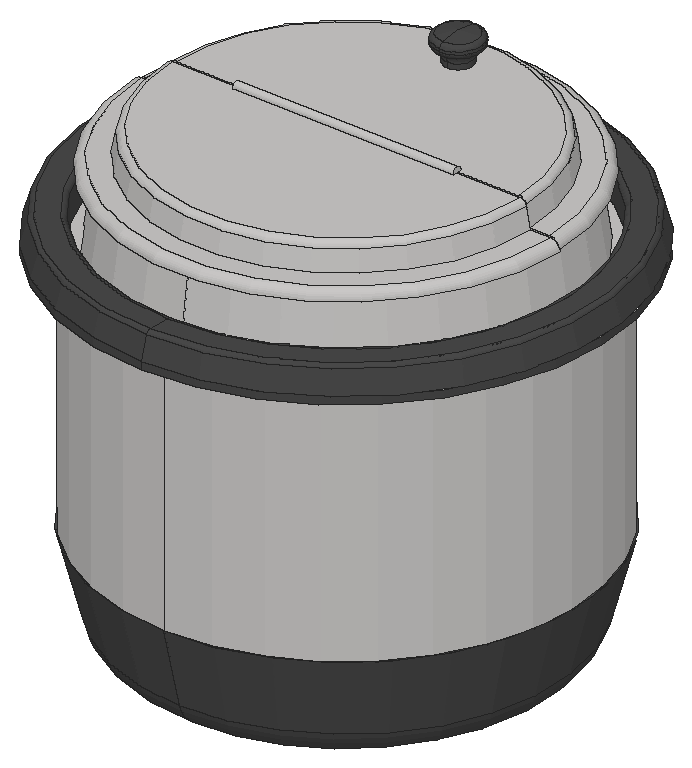
Revit family "QF_Vollrath_741101DW", category Specialty Equipment, Revit 2016
Family settings
  Part Type = Normal
  Round Connector Dimension = Use Diameter
  OmniClass Number = 23.40.40.14.17.31
  OmniClass Title = Small Specialized Cooking Equipment
  Work Plane-Based = Yes
  Always vertical = Yes
  Cut with Voids When Loaded = No
  Shared = No
  Room Calculation Point = No
Parameters
  Weight in Pounds = 12.4
  Watts = 250 W
  Watermarked By = "http://revitwatermark.com"
  Volts = 120 V
  URL Cutsheet = ""
  URL = "www.vollrathco.com"
  Status [instance] = ""
  Specification by User [instance] = ""
  Specification by Manufacturer [instance] = ""
  Serial Number [instance] = ""
  Revision Code [instance] = ""
  Phase = 1
  Outer Diameter = 1' - 1.9"  # constant formula
  Number of Poles [instance] = 1
  NAFEM Spec ID Number [instance] = ""
  Model = "741101DW"
  Material = QF_Finishes_Black
  Masterspec [instance] = ""
  Manufacturer = "Vollrath"
  Item Number [instance] = "-"
  Installed By [instance] = ""
  Furnished By [instance] = ""
  Foodservice Equipment Identifier = yes
  FL Amps = 1.2 A
  Electrical Remarks [instance] = ""
  Electric Connection Type [instance] = ""
  Elec Conn RI Height [instance] = 0' - 0"
  Elec Conn Connection Height = -0' - 9 1/4"
  Description = "11 qt. Induction Warmer, Drop-In"
  Default Elevation = 4' - 0"
  Cycle = 60 Hz
  Conn Plug = "NEMA 5-15P"
  CSI MasterFormat = "11 44 00"
  Assembly Code = "E1090320"
  Apparent Power = if(Phase = 3, Volts * FL Amps * 1.73, Volts * FL Amps)  # 144 VA
Reference planes (in)
  plane 1 "FRONT": y = 1
  plane 2: z = 0
  plane 3 "LEFT": x = -10.10443
  plane 4 "RIGHT": x = 3.79557
  plane 5 "BACK": y = -12.9
  plane 6 "Center FB": x = -3.15443
  plane 7 "Center LR": y = -5.95
  plane 8 "TOP": z = 3.5625
  plane 9 "Top of Lid": z = 2.8125
  plane 10 "Top of Unit": z = 0.87467
  plane 11 "Bottom of Lid": z = 1.8725
  plane 12 "BOTTOM": z = -9.5
Forms (in)
  Extrusion 1, solid, material "QF_Finishes_Stainless Steel"
    sketch origin (0, 0, -6.45) x (0, 1, 0) y (-1, 0, 0)
      loop
        circle (-5.95, 3.15443) r 6.18
    from -0.25 to 6.45
  Revolve 2, solid, material "QF_Finishes_Black" <- "Material"
    sketch origin (-3.15443, 0, -9.26533) x (0, 1, 0) y (0, 0, 1)
      loop
        line (0, 9.26533) -> (1, 9.26533) -> (1, 9.46533) -> (0.83669, 10.04524)
        arc (0.83669, 10.04524) -> (0.79004, 10.11364) -> (0.71155, 10.14) r 0.13
        line (0.71155, 10.14) -> (0.13, 10.14)
        arc (0.13, 10.14) -> (0.03808, 10.10192) -> (0, 10.01) r 0.13
        line (0, 10.01) -> (0, 9.26533)
      axis (-5.95, 10.14) -> (-5.95, 9.26533)
    angle from 0 to 360
  Revolve 3, solid, material "QF_Finishes_Polished Steel"
    sketch origin (-3.15443, 0, -9.26533) x (0, 1, 0) y (0, 0, 1)
      loop
        line (-5.95, 9.26533) -> (-0.3016, 9.26533) -> (-0.58, 11.13783) -> (-5.95, 11.13783) -> (-5.95, 9.26533)
      axis (-5.95, 11.13783) -> (-5.95, 9.26533)
    angle from 0 to 360
  Revolve 4, solid, material "QF_Finishes_Stainless Steel"
    sketch origin (-3.15443, 0, -9.26533) x (0, 1, 0) y (0, 0, 1)
      loop
        line (-5.95, 11.13783) -> (-0.14, 11.13783)
        arc (-0.14, 11.13783) -> (-0.21322, 11.31461) -> (-0.39, 11.38783) r 0.25
        line (-0.39, 11.38783) -> (-0.94, 11.38783) -> (-1.04911, 11.92561)
        arc (-1.04911, 11.92561) -> (-1.11507, 12.03493) -> (-1.23532, 12.07783) r 0.19
        line (-1.23532, 12.07783) -> (-5.95, 12.07783) -> (-5.95, 11.13783)
      axis (-5.95, 12.07783) -> (-5.95, 11.13783)
    angle from 90 to 270
  Revolve 5, solid, material "QF_Finishes_Stainless Steel"
    sketch origin (-3.15443, 0, -9.26533) x (0, 1, 0) y (0, 0, 1)
      loop
        line (-5.89203, 11.13783) -> (-0.14, 11.13783)
        arc (-0.14, 11.13783) -> (-0.21322, 11.31461) -> (-0.39, 11.38783) r 0.25
        line (-0.39, 11.38783) -> (-0.94, 11.38783) -> (-1.04911, 11.92561)
        arc (-1.04911, 11.92561) -> (-1.11507, 12.03493) -> (-1.23532, 12.07783) r 0.19
        line (-1.23532, 12.07783) -> (-5.89203, 12.07783) -> (-5.89203, 11.13783)
      axis (-5.89203, 12.07783) -> (-5.89203, 11.13783)
    angle from -90 to 90
  Extrusion 6, solid, material "QF_Finishes_Stainless Steel"
    sketch origin (-3.15443, 0, -9.26533) x (0, 1, 0) y (0, 0, 1)
      loop
        line (-6.05676, 12.07783) -> (-5.80676, 12.07783)
        arc (-5.80676, 12.07783) -> (-5.93176, 12.20283) -> (-6.05676, 12.07783) r 0.125
    from -3 to 3
  Revolve 7, solid, material "QF_Finishes_Black"
    sketch origin (-3.15443, 1, -9.26533) x (0, 1, 0) y (0, 0, 1)
      loop
        line (-3.14, 12.07783) -> (-3.14, 12.82783)
        arc (-3.14, 12.82783) -> (-3.39555, 12.80251) -> (-3.65, 12.76783) r 7.00028
        arc (-3.65, 12.76783) -> (-3.72611, 12.72718) -> (-3.76, 12.64783) r 0.13
        line (-3.76, 12.64783) -> (-3.76, 12.56783)
        arc (-3.76, 12.56783) -> (-3.74047, 12.49418) -> (-3.68, 12.44783) r 0.118
        arc (-3.68, 12.44783) -> (-3.55886, 12.35954) -> (-3.51, 12.21783) r 0.25
        line (-3.51, 12.21783) -> (-3.51, 12.07783) -> (-3.14, 12.07783)
      axis (-3.14, 12.82783) -> (-3.14, 12.07783)
    angle from 0 to 360
  Revolve 8, solid, material "QF_Finishes_Black"
    sketch origin (-3.15443, 0.00569, 0.00462) x (0, 1, 0) y (0, 0, 1)
      loop
        line (-5.95, -6.70462) -> (-5.95, -9.50462) -> (-1.24883, -9.50462)
        arc (-1.24883, -9.50462) -> (-0.64007, -9.29798) -> (-0.28291, -8.76344) r 1
        line (-0.28291, -8.76344) -> (0.26875, -6.70462) -> (-5.95, -6.70462)
      axis (-5.95, -9.50462) -> (-5.95, -6.70462)
    angle from 0 to 360
  Extrusion 9, solid, material "QF_Finishes_Black"
    sketch origin (0, 0, -9.5) x (0, 1, 0) y (-1, 0, 0)
      loop
        circle (-5.94431, 3.15443) r 0.25
    from 0 to -0.0625
Lines and regions (in)
  symbolic lines
    curve 1: arc (-3.15443, 1, 0) -> (-10.10443, -5.95, 0) -> (-3.15443, -12.9, 0) r 6.95
    curve 2: arc (-3.15443, -12.9, 0) -> (3.79557, -5.95, 0) -> (-3.15443, 1, 0) r 6.95
    curve 3: arc (-3.15443, -1.52, 0) -> (-2.53443, -2.14, 0) -> (-3.15443, -2.76, 0) r 0.62
    curve 4: arc (-3.15443, -2.76, 0) -> (-3.77443, -2.14, 0) -> (-3.15443, -1.52, 0) r 0.62
    curve 5: line (-0.15443, -5.80676, 0) -> (-6.15443, -5.80676, 0)
    curve 6: line (-6.15443, -6.05676, 0) -> (-0.15443, -6.05676, 0)
    curve 7: line (-6.15443, -5.80676, 0) -> (-6.15443, -6.05676, 0)
    curve 8: line (-0.15443, -6.05676, 0) -> (-0.15443, -5.80676, 0)
    curve 9: arc (-8.10646, -5.89203, 0) -> (-3.15443, -0.94, 0) -> (1.79761, -5.89203, 0) r 4.95203
    curve 10: arc (-3.15443, -0.58, 0) -> (2.21557, -5.95, 0) -> (-3.15443, -11.32, 0) r 5.37
    curve 11: arc (-3.15443, -11.32, 0) -> (-8.52443, -5.95, 0) -> (-3.15443, -0.58, 0) r 5.37
    curve 12: arc (1.85557, -5.95, 0) -> (-3.15443, -10.96, 0) -> (-8.16443, -5.95, 0) r 5.01
    curve 13: line (-8.10646, -5.89203, 0) -> (-6.15443, -5.89203, 0)
    curve 14: line (-8.16443, -5.95, 0) -> (-6.15443, -5.95, 0)
    curve 15: line (1.79761, -5.89203, 0) -> (-0.15443, -5.89203, 0)
    curve 16: line (1.85557, -5.95, 0) -> (-0.15443, -5.95, 0)
    curve 17: arc (-3.15443, 0, 0) -> (-9.10443, -5.95, 0) -> (-3.15443, -11.9, 0) r 5.95
    curve 18: arc (-3.15443, -11.9, 0) -> (2.79557, -5.95, 0) -> (-3.15443, 0, 0) r 5.95
Dimensions and locks (in)
  "Outer Diameter": plane 3 "LEFT" to plane 4 "RIGHT"
  "Outer Diameter": plane 5 "BACK" to plane 1 "FRONT"
  equal spacing: plane 3 "LEFT", plane 6 "Center FB", plane 4 "RIGHT"
  equal spacing: plane 5 "BACK", plane 7 "Center LR", plane 1 "FRONT"
  locked: plane 9 "Top of Lid" to plane 11 "Bottom of Lid" at 0.94
  locked: plane 8 "TOP" to plane 9 "Top of Lid" at 0.75
  locked: plane 10 "Top of Unit" to level at 0.87467
  locked: level to plane 12 "BOTTOM" at 9.5
  locked: plane 9 "Top of Lid" to plane 12 "BOTTOM" at 12.3125
  aligned and locked: level to plane 2
Automatic sketch dimensions
  Extrusion 1 sketch curve to plane 6 "Center FB" = 0' - 0"
  Extrusion 1 sketch curve to plane 7 "Center LR" = 0' - 0"
  Revolve 3 sketch curve to plane 7 "Center LR" = 0' - 0"  (x2)
  plane 1 "FRONT" to Revolve 3 sketch curve = 0' - 1.58"
  Revolve 3 sketch curve to level = 1' - 9.26533"
  Revolve 3 sketch curve to plane 9 "Top of Lid" = 0' - 0.94"
  plane 8 "TOP" to Revolve 3 sketch curve = 6' - 10.57"
  Revolve 3 sketch curve to plane 10 "Top of Unit" = 0' - 0.87467"
  plane 1 "FRONT" to Revolve 3 sketch curve = 0' - 1.3016"
  Revolve 2 sketch curve to plane 7 "Center LR" = 0' - 0"
  Revolve 2 sketch curve to plane 10 "Top of Unit" = 0' - 0"
  Revolve 2 sketch curve to plane 1 "FRONT" = 0' - 0"
  plane 1 "FRONT" to Revolve 2 sketch curve = 0' - 1"
  Revolve 2 sketch curve to Revolve 2 sketch curve = 0' - 0.13"
  plane 1 "FRONT" to Revolve 2 sketch curve = 0' - 0.28845"
  Revolve 2 sketch curve to plane 10 "Top of Unit" = 0' - 0.09476"
  Revolve 2 sketch curve to Revolve 2 sketch curve = 0' - 0.12513"
  Revolve 2 sketch curve to Revolve 2 sketch curve = 0' - 0.57991"
  Revolve 2 sketch curve to Revolve 2 sketch curve = 0' - 0.2"
  Revolve 2 sketch curve to level = 1' - 9.26533"
  plane 8 "TOP" to Revolve 2 sketch curve = 6' - 10.57"
  Revolve 4 sketch curve to plane 7 "Center LR" = 0' - 0"  (x2)
  Revolve 4 sketch curve to plane 9 "Top of Lid" = 0' - 0"
  plane 1 "FRONT" to Revolve 4 sketch curve = 0' - 2.23532"
  Revolve 4 sketch curve to plane 9 "Top of Lid" = 0' - 0.15222"
  Revolve 4 sketch curve to Revolve 4 sketch curve = 0' - 0.18621"
  Revolve 4 sketch curve to Revolve 4 sketch curve = 0' - 0.10911"
  Revolve 4 sketch curve to Revolve 4 sketch curve = 0' - 0.55"
  Revolve 4 sketch curve to Revolve 4 sketch curve = 0' - 0 1/4"
  Revolve 4 sketch curve to Revolve 4 sketch curve = 0' - 0.53778"
  Revolve 4 sketch curve to level = 1' - 9.26533"
  plane 8 "TOP" to Revolve 4 sketch curve = 6' - 10.57"
  Revolve 5 sketch curve to plane 11 "Bottom of Lid" = 0' - 0"
  Revolve 5 sketch curve to plane 9 "Top of Lid" = 0' - 0"
  plane 7 "Center LR" to Revolve 5 sketch curve = 0' - 0.05797"  (x2)
  plane 1 "FRONT" to Revolve 5 sketch curve = 0' - 2.23532"
  Revolve 5 sketch curve to plane 9 "Top of Lid" = 0' - 0.15222"
  Revolve 5 sketch curve to Revolve 5 sketch curve = 0' - 0.18621"
  plane 11 "Bottom of Lid" to Revolve 5 sketch curve = 0' - 0 1/4"
  Revolve 5 sketch curve to Revolve 5 sketch curve = 0' - 0.10911"
  Revolve 5 sketch curve to Revolve 5 sketch curve = 0' - 0.55"
  plane 10 "Top of Unit" to Revolve 5 sketch curve = 0' - 0.42764"
  plane 8 "TOP" to Revolve 5 sketch curve = 0' - 0.35953"
  Extrusion 6 sketch curve to plane 9 "Top of Lid" = 0' - 0"
  Extrusion 6 sketch curve to plane 7 "Center LR" = 0' - 0.10676"
  plane 7 "Center LR" to Extrusion 6 sketch curve = 0' - 0.01824"
  Revolve 7 sketch curve to plane 9 "Top of Lid" = 0' - 0"
  Revolve 7 sketch curve to plane 8 "TOP" = 0' - 0"
  Revolve 7 sketch curve to plane 8 "TOP" = 0' - 0.18"
  plane 7 "Center LR" to Revolve 7 sketch curve = 0' - 3.19"
  plane 9 "Top of Lid" to Revolve 7 sketch curve = 0' - 0.13311"
  Revolve 7 sketch curve to Revolve 7 sketch curve = 0' - 0.00009"
  Revolve 7 sketch curve to Revolve 7 sketch curve = 0' - 0.08"
  Revolve 7 sketch curve to Revolve 7 sketch curve = 0' - 0"  (x2)
  Revolve 7 sketch curve to plane 8 "TOP" = 0' - 0.06"
  Revolve 7 sketch curve to Revolve 7 sketch curve = 0' - 0.11"
  Revolve 7 sketch curve to Revolve 7 sketch curve = 0' - 0.03772"
  Revolve 7 sketch curve to Revolve 7 sketch curve = 0' - 0.01201"
  Revolve 7 sketch curve to Revolve 7 sketch curve = 0' - 0.24991"
  plane 7 "Center LR" to Revolve 7 sketch curve = 0' - 3.81"
  Revolve 7 sketch curve to Revolve 7 sketch curve = 0' - 0.51"
  Revolve 7 sketch curve to Revolve 7 sketch curve = 0' - 1.86648"
  Revolve 7 sketch curve to Revolve 7 sketch curve = 0' - 0.14"
  Revolve 7 sketch curve to Revolve 7 sketch curve = 0' - 4.4351"
  curve 1 to curve 2 = 0' - 0"  (x2)
  curve 1 to curve 10 = 0' - 0"  (x2)
  curve 1 to curve 11 = 0' - 0"  (x2)
  curve 1 to curve 12 = 0' - 0"  (x2)
  curve 1 to curve 17 = 0' - 0"  (x2)
  curve 1 to curve 18 = 0' - 0"  (x2)
  curve 2 to curve 10 = 0' - 0"  (x2)
  curve 2 to curve 11 = 0' - 0"  (x2)
  curve 2 to curve 12 = 0' - 0"  (x2)
  curve 2 to curve 17 = 0' - 0"  (x2)
  curve 2 to curve 18 = 0' - 0"  (x2)
  curve 3 to curve 4 = 0' - 0"  (x2)
  curve 10 to curve 11 = 0' - 0"  (x2)
  curve 10 to curve 12 = 0' - 0"  (x2)
  curve 10 to curve 17 = 0' - 0"  (x2)
  curve 10 to curve 18 = 0' - 0"  (x2)
  curve 11 to curve 12 = 0' - 0"  (x2)
  curve 11 to curve 17 = 0' - 0"  (x2)
  curve 11 to curve 18 = 0' - 0"  (x2)
  curve 12 to curve 17 = 0' - 0"  (x2)
  curve 12 to curve 18 = 0' - 0"  (x2)
  curve 17 to curve 18 = 0' - 0"  (x2)
  curve 12 to plane 7 "Center LR" = 0' - 0"
  curve 4 to plane 6 "Center FB" = 0' - 0"
  curve 18 to plane 6 "Center FB" = 0' - 0"
  curve 9 to plane 6 "Center FB" = 0' - 0"
  plane 5 "BACK" to curve 1 = 0' - 0"
  plane 7 "Center LR" to curve 5 = 0' - 0.14324"
  curve 5 to plane 6 "Center FB" = 0' - 3"
  plane 7 "Center LR" to curve 9 = 0' - 0.05797"
  curve 9 to curve 13 = 0' - 1.95203"
  curve 14 to curve 9 = 0' - 0.05797"
  curve 8 to plane 7 "Center LR" = 0' - 0.10676"
  curve 8 to curve 15 = 0' - 1.95203"
  curve 18 to plane 5 "BACK" = 0' - 1"
  curve 17 to curve 11 = 0' - 0.58"
  curve 9 to curve 4 = 0' - 3.13203"
  curve 3 to curve 3 = 0' - 0.62"
  plane 7 "Center LR" to Revolve 8 sketch curve = 0' - 0.00569"  (x2)
  plane 12 "BOTTOM" to Revolve 8 sketch curve = 0' - 0"
  plane 1 "FRONT" to Revolve 8 sketch curve = 0' - 2.24314"
  Revolve 8 sketch curve to Revolve 8 sketch curve = 0' - 0.96593"
  plane 1 "FRONT" to Revolve 8 sketch curve = 0' - 0.72556"
  Revolve 8 sketch curve to plane 12 "BOTTOM" = 0' - 2.49538"
  plane 12 "BOTTOM" to Revolve 8 sketch curve = 0' - 0.74118"
  Revolve 8 sketch curve to Revolve 8 sketch curve = 0' - 2.05882"
  plane 8 "TOP" to Revolve 8 sketch curve = 7' - 8.44212"
  Extrusion 9 sketch curve to plane 6 "Center FB" = 0' - 0"
  plane 7 "Center LR" to Extrusion 9 sketch curve = 0' - 0.00569"
  radius of Extrusion 1 sketch curve = 0' - 6.18"
  radius of Extrusion 9 sketch curve = 0' - 0 1/4"
Connectors (in)
  electrical at (-3.15443, -5.94431, -9.5625), driven by "Number of Poles", driven by "Volts", driven by "Apparent Power"
    settings: on Extrusion 9, index 1, voltage 120 V, apparent load 144 VA, apparent load phase1 0 VA, apparent load phase2 0 VA, apparent load phase3 0 VA, power factor 1, load classification "Other", number of poles 1, system type 30, power factor state 1, is connector primary yes, connector utility no, sub classification motor no, connector description "Electric"
